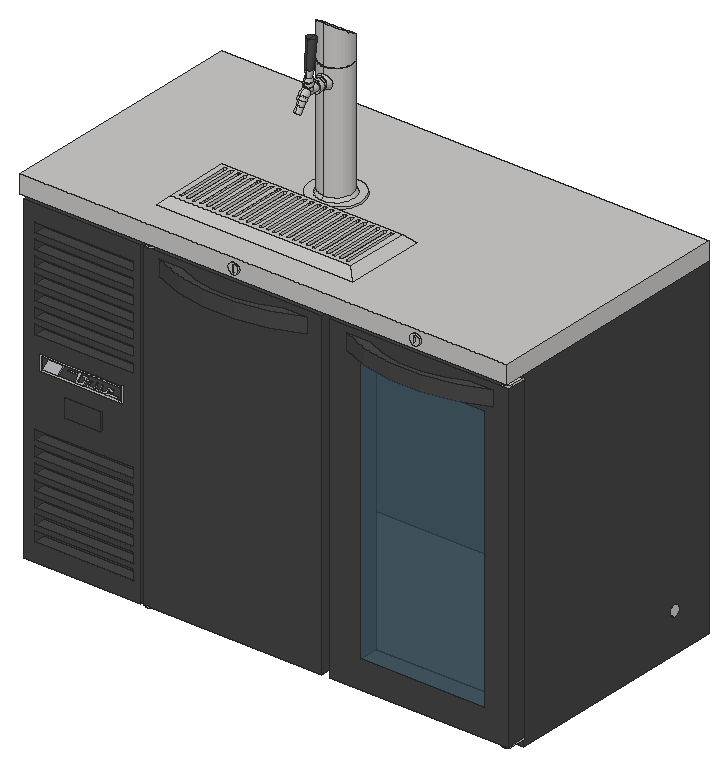
Revit family "QF_TRUE_TDR48-RISZ1-L-B-SG-1", category Specialty Equipment, Revit 2016 (continued)
Definition of nested family "TDR48-RISZ1-L-B-SG-1"
  Lines and regions (in)
    symbolic lines
      curve 135: arc (26.35722, -15.53813, 0) -> (26.5291, -15.36625, 0) -> (26.70097, -15.53813, 0) r 0.17187
      curve 136: line (26.70097, -15.53813, 0) -> (26.70097, -20.80347, 0)
      curve 137: arc (26.70097, -20.80347, 0) -> (26.5291, -20.97534, 0) -> (26.35722, -20.80347, 0) r 0.17187
      curve 138: line (27.01347, -20.80347, 0) -> (27.01347, -15.53813, 0)
      curve 139: arc (27.01347, -15.53813, 0) -> (27.18535, -15.36625, 0) -> (27.35722, -15.53813, 0) r 0.17187
      curve 140: line (27.35722, -15.53813, 0) -> (27.35722, -20.80347, 0)
      curve 141: arc (27.35722, -20.80347, 0) -> (27.18535, -20.97534, 0) -> (27.01347, -20.80347, 0) r 0.17187
      curve 142: line (27.66972, -20.80347, 0) -> (27.66972, -15.53813, 0)
      curve 143: arc (27.66972, -15.53813, 0) -> (27.8416, -15.36625, 0) -> (28.01347, -15.53813, 0) r 0.17187
      curve 144: line (28.01347, -15.53813, 0) -> (28.01347, -20.80347, 0)
      curve 145: arc (28.01347, -20.80347, 0) -> (27.8416, -20.97534, 0) -> (27.66972, -20.80347, 0) r 0.17187
      curve 146: line (28.66972, -15.53813, 0) -> (28.66972, -20.80347, 0)
      curve 147: arc (28.66972, -20.80347, 0) -> (28.49785, -20.97534, 0) -> (28.32597, -20.80347, 0) r 0.17187
      curve 148: line (28.32597, -20.80347, 0) -> (28.32597, -15.53813, 0)
      curve 149: arc (28.32597, -15.53813, 0) -> (28.49785, -15.36625, 0) -> (28.66972, -15.53813, 0) r 0.17187
      curve 150: line (28.98222, -15.53813, 0) -> (28.98222, -20.80347, 0)
      curve 151: arc (28.98222, -20.80347, 0) -> (29.1541, -20.97534, 0) -> (29.32597, -20.80347, 0) r 0.17187
      curve 152: line (29.32597, -20.80347, 0) -> (29.32597, -15.53813, 0)
      curve 153: arc (29.32597, -15.53813, 0) -> (29.1541, -15.36625, 0) -> (28.98222, -15.53813, 0) r 0.17187
      curve 154: line (11.31858, -22.11177, 0) -> (30.61892, -22.11177, 0)
      curve 297: line (20.57879, -14.69763, 0) -> (20.57879, -14.91581, 0)
      curve 298: line (21.35871, -14.69763, 0) -> (21.35871, -14.91581, 0)
    symbolic lines, not visible
      curve 155: circle (20.96875, -12.11522, 0) r 1.55031 normal (0, 0, 1)
      curve 156: arc (21.61223, -13.73606, 0) -> (20.96875, -10.37132, 0) -> (20.32527, -13.73606, 0) r 1.7439
      curve 157: arc (21.5436, -14.54197, 0) -> (20.96875, -9.62132, 0) -> (20.3939, -14.54197, 0) r 2.4939
      curve 158: line (20.38021, -13.94112, 0) -> (21.55729, -13.94112, 0)
      curve 159: line (21.55729, -13.94112, 0) -> (21.67702, -13.49428, 0)
      curve 160: line (20.38021, -13.94112, 0) -> (20.26048, -13.49428, 0)
      curve 161: line (20.52237, -14.24379, 0) -> (20.52237, -13.94112, 0)
      curve 162: line (21.41513, -14.24379, 0) -> (21.41513, -13.94112, 0)
      curve 163: line (20.42011, -14.24379, 0) -> (21.51739, -14.24379, 0)
      curve 164: line (21.51739, -14.24379, 0) -> (21.55729, -14.69763, 0)
      curve 165: line (21.55729, -14.69763, 0) -> (20.38021, -14.69763, 0)
      curve 166: line (20.38021, -14.69763, 0) -> (20.42011, -14.24379, 0)
      curve 167: circle (20.96875, -15.14453, 0) r 0.45209 normal (0, 0, 1)
      curve 168: line (20.57246, -15.54083, 0) -> (20.57246, -16.26395, 0)
      curve 169: line (21.36504, -15.54083, 0) -> (21.36504, -16.26395, 0)
      curve 170: arc (20.57246, -16.26395, 0) -> (20.96875, -16.66024, 0) -> (21.36504, -16.26395, 0) r 0.39629
      curve 171: arc (20.66949, -16.52374, 0) -> (20.96875, -16.823, 0) -> (21.26801, -16.52374, 0) r 0.29926
      curve 172: line (20.68604, -16.82069, 0) -> (20.68604, -16.6219, 0)
      curve 173: line (21.25146, -16.82069, 0) -> (21.25146, -16.6219, 0)
      curve 174: arc (21.25146, -16.82069, 0) -> (20.96875, -17.10339, 0) -> (20.68604, -16.82069, 0) r 0.28271
      curve 175: arc (21.3439, -15.41312, 0) -> (20.96875, -15.93712, 0) -> (20.5936, -15.41312, 0) r 0.39629
      curve 176: line (20.65805, -15.55736, 0) -> (20.556, -15.32898, 0)
      curve 177: line (21.27945, -15.55736, 0) -> (21.3815, -15.32898, 0)
      curve 178: arc (21.27945, -15.55736, 0) -> (20.96875, -15.75883, 0) -> (20.65805, -15.55736, 0) r 0.34031
      curve 179: line (11.31858, -22.11177, 0) -> (11.31858, -14.26103, 0)
      curve 180: line (11.31858, -14.26103, 0) -> (19.69789, -14.26103, 0)
      curve 181: line (30.61892, -22.11177, 0) -> (30.61892, -14.26103, 0)
      curve 182: line (30.61892, -14.26103, 0) -> (22.23961, -14.26103, 0)
      curve 183: line (29.86892, -15.01103, 0) -> (29.86892, -21.36177, 0)
      curve 184: line (29.86892, -21.36177, 0) -> (12.06858, -21.36177, 0)
      curve 185: line (12.06858, -21.36177, 0) -> (12.06858, -15.01103, 0)
      curve 186: line (12.06858, -15.01103, 0) -> (20.53682, -15.01103, 0)
      curve 187: line (29.86892, -15.01103, 0) -> (21.40068, -15.01103, 0)
      curve 188: line (12.06858, -15.01103, 0) -> (11.31858, -14.26103, 0)
      curve 189: line (29.86892, -15.01103, 0) -> (30.61892, -14.26103, 0)
      curve 190: line (29.86892, -21.36177, 0) -> (30.61892, -22.11177, 0)
      curve 191: line (12.06858, -21.36177, 0) -> (11.31858, -22.11177, 0)
      curve 192: line (12.91972, -15.53813, 0) -> (12.91972, -20.80347, 0)
      curve 193: arc (12.91972, -20.80347, 0) -> (12.74785, -20.97534, 0) -> (12.57597, -20.80347, 0) r 0.17187
      curve 194: line (12.57597, -20.80347, 0) -> (12.57597, -15.53813, 0)
      curve 195: arc (12.57597, -15.53813, 0) -> (12.74785, -15.36625, 0) -> (12.91972, -15.53813, 0) r 0.17187
      curve 196: line (13.23222, -15.53813, 0) -> (13.23222, -20.80347, 0)
      curve 197: arc (13.23222, -20.80347, 0) -> (13.4041, -20.97534, 0) -> (13.57597, -20.80347, 0) r 0.17187
      curve 198: line (13.57597, -20.80347, 0) -> (13.57597, -15.53813, 0)
      curve 199: arc (13.57597, -15.53813, 0) -> (13.4041, -15.36625, 0) -> (13.23222, -15.53813, 0) r 0.17187
      curve 200: line (13.88847, -20.80347, 0) -> (13.88847, -15.53813, 0)
      curve 201: arc (13.88847, -15.53813, 0) -> (14.06035, -15.36625, 0) -> (14.23222, -15.53813, 0) r 0.17187
      curve 202: line (14.23222, -15.53813, 0) -> (14.23222, -20.80347, 0)
      curve 203: arc (14.23222, -20.80347, 0) -> (14.06035, -20.97534, 0) -> (13.88847, -20.80347, 0) r 0.17187
      curve 204: line (14.54472, -20.80347, 0) -> (14.54472, -15.53813, 0)
      curve 205: arc (14.54472, -15.53813, 0) -> (14.7166, -15.36625, 0) -> (14.88847, -15.53813, 0) r 0.17187
      curve 206: line (14.88847, -15.53813, 0) -> (14.88847, -20.80347, 0)
      curve 207: arc (14.88847, -20.80347, 0) -> (14.7166, -20.97534, 0) -> (14.54472, -20.80347, 0) r 0.17187
      curve 208: line (15.20097, -20.80347, 0) -> (15.20097, -15.53813, 0)
      curve 209: arc (15.20097, -15.53813, 0) -> (15.37285, -15.36625, 0) -> (15.54472, -15.53813, 0) r 0.17187
      curve 210: line (15.54472, -15.53813, 0) -> (15.54472, -20.80347, 0)
      curve 211: arc (15.54472, -20.80347, 0) -> (15.37285, -20.97534, 0) -> (15.20097, -20.80347, 0) r 0.17187
      curve 212: line (15.85722, -20.80347, 0) -> (15.85722, -15.53813, 0)
      curve 213: arc (15.85722, -15.53813, 0) -> (16.0291, -15.36625, 0) -> (16.20097, -15.53813, 0) r 0.17187
      curve 214: line (16.20097, -15.53813, 0) -> (16.20097, -20.80347, 0)
      curve 215: arc (16.20097, -20.80347, 0) -> (16.0291, -20.97534, 0) -> (15.85722, -20.80347, 0) r 0.17187
      curve 216: line (16.85722, -15.53813, 0) -> (16.85722, -20.80347, 0)
      curve 217: arc (16.85722, -20.80347, 0) -> (16.68535, -20.97534, 0) -> (16.51347, -20.80347, 0) r 0.17187
      curve 218: line (16.51347, -20.80347, 0) -> (16.51347, -15.53813, 0)
      curve 219: arc (16.51347, -15.53813, 0) -> (16.68535, -15.36625, 0) -> (16.85722, -15.53813, 0) r 0.17187
      curve 220: line (17.16972, -15.53813, 0) -> (17.16972, -20.80347, 0)
      curve 221: arc (17.16972, -20.80347, 0) -> (17.3416, -20.97534, 0) -> (17.51347, -20.80347, 0) r 0.17187
      curve 222: line (17.51347, -20.80347, 0) -> (17.51347, -15.53813, 0)
      curve 223: arc (17.51347, -15.53813, 0) -> (17.3416, -15.36625, 0) -> (17.16972, -15.53813, 0) r 0.17187
      curve 224: line (17.82597, -20.80347, 0) -> (17.82597, -15.53813, 0)
      curve 225: arc (17.82597, -15.53813, 0) -> (17.99785, -15.36625, 0) -> (18.16972, -15.53813, 0) r 0.17187
      curve 226: line (18.16972, -15.53813, 0) -> (18.16972, -20.80347, 0)
      curve 227: arc (18.16972, -20.80347, 0) -> (17.99785, -20.97534, 0) -> (17.82597, -20.80347, 0) r 0.17187
      curve 228: line (18.48222, -20.80347, 0) -> (18.48222, -15.53813, 0)
      curve 229: arc (18.48222, -15.53813, 0) -> (18.6541, -15.36625, 0) -> (18.82597, -15.53813, 0) r 0.17187
      curve 230: line (18.82597, -15.53813, 0) -> (18.82597, -20.80347, 0)
      curve 231: arc (18.82597, -20.80347, 0) -> (18.6541, -20.97534, 0) -> (18.48222, -20.80347, 0) r 0.17187
      curve 232: line (19.13847, -20.80347, 0) -> (19.13847, -15.53813, 0)
      curve 233: arc (19.13847, -15.53813, 0) -> (19.31035, -15.36625, 0) -> (19.48222, -15.53813, 0) r 0.17187
      curve 234: line (19.48222, -15.53813, 0) -> (19.48222, -20.80347, 0)
      curve 235: arc (19.48222, -20.80347, 0) -> (19.31035, -20.97534, 0) -> (19.13847, -20.80347, 0) r 0.17187
      curve 236: line (19.79472, -20.80347, 0) -> (19.79472, -15.53813, 0)
      curve 237: arc (19.79472, -15.53813, 0) -> (19.9666, -15.36625, 0) -> (20.13847, -15.53813, 0) r 0.17187
      curve 238: line (20.13847, -15.53813, 0) -> (20.13847, -20.80347, 0)
      curve 239: arc (20.13847, -20.80347, 0) -> (19.9666, -20.97534, 0) -> (19.79472, -20.80347, 0) r 0.17187
      curve 240: line (20.79472, -17.04348, 0) -> (20.79472, -20.80347, 0)
      curve 241: arc (20.79472, -20.80347, 0) -> (20.62285, -20.97534, 0) -> (20.45097, -20.80347, 0) r 0.17187
      curve 242: line (20.45097, -20.80347, 0) -> (20.45097, -15.53813, 0)
      curve 243: arc (20.45097, -15.53813, 0) -> (20.48562, -15.43463, 0) -> (20.57561, -15.37287, 0) r 0.17187
      curve 244: line (21.10722, -17.06716, 0) -> (21.10722, -20.80347, 0)
      curve 245: arc (21.10722, -20.80347, 0) -> (21.2791, -20.97534, 0) -> (21.45097, -20.80347, 0) r 0.17187
      curve 246: line (21.45097, -20.80347, 0) -> (21.45097, -15.53813, 0)
      curve 247: arc (21.45097, -15.53813, 0) -> (21.42549, -15.44807, 0) -> (21.3566, -15.38472, 0) r 0.17187
      curve 248: line (21.76347, -20.80347, 0) -> (21.76347, -15.53813, 0)
      curve 249: arc (21.76347, -15.53813, 0) -> (21.93535, -15.36625, 0) -> (22.10722, -15.53813, 0) r 0.17187
      curve 250: line (22.10722, -15.53813, 0) -> (22.10722, -20.80347, 0)
      curve 251: arc (22.10722, -20.80347, 0) -> (21.93535, -20.97534, 0) -> (21.76347, -20.80347, 0) r 0.17187
      curve 252: line (22.41972, -20.80347, 0) -> (22.41972, -15.53813, 0)
      curve 253: arc (22.41972, -15.53813, 0) -> (22.5916, -15.36625, 0) -> (22.76347, -15.53813, 0) r 0.17187
      curve 254: line (22.76347, -15.53813, 0) -> (22.76347, -20.80347, 0)
      curve 255: arc (22.76347, -20.80347, 0) -> (22.5916, -20.97534, 0) -> (22.41972, -20.80347, 0) r 0.17187
      curve 256: line (23.07597, -20.80347, 0) -> (23.07597, -15.53813, 0)
      curve 257: arc (23.07597, -15.53813, 0) -> (23.24785, -15.36625, 0) -> (23.41972, -15.53813, 0) r 0.17187
      curve 258: line (23.41972, -15.53813, 0) -> (23.41972, -20.80347, 0)
      curve 259: arc (23.41972, -20.80347, 0) -> (23.24785, -20.97534, 0) -> (23.07597, -20.80347, 0) r 0.17187
      curve 260: line (23.73222, -20.80347, 0) -> (23.73222, -15.53813, 0)
      curve 261: arc (23.73222, -15.53813, 0) -> (23.9041, -15.36625, 0) -> (24.07597, -15.53813, 0) r 0.17187
      curve 262: line (24.07597, -15.53813, 0) -> (24.07597, -20.80347, 0)
      curve 263: arc (24.07597, -20.80347, 0) -> (23.9041, -20.97534, 0) -> (23.73222, -20.80347, 0) r 0.17187
      curve 264: line (24.73222, -15.53813, 0) -> (24.73222, -20.80347, 0)
      curve 265: arc (24.73222, -20.80347, 0) -> (24.56035, -20.97534, 0) -> (24.38847, -20.80347, 0) r 0.17187
      curve 266: line (24.38847, -20.80347, 0) -> (24.38847, -15.53813, 0)
      curve 267: arc (24.38847, -15.53813, 0) -> (24.56035, -15.36625, 0) -> (24.73222, -15.53813, 0) r 0.17187
      curve 268: line (25.04472, -15.53813, 0) -> (25.04472, -20.80347, 0)
      curve 269: arc (25.04472, -20.80347, 0) -> (25.2166, -20.97534, 0) -> (25.38847, -20.80347, 0) r 0.17187
      curve 270: line (25.38847, -20.80347, 0) -> (25.38847, -15.53813, 0)
      curve 271: arc (25.38847, -15.53813, 0) -> (25.2166, -15.36625, 0) -> (25.04472, -15.53813, 0) r 0.17187
      curve 272: line (25.70097, -20.80347, 0) -> (25.70097, -15.53813, 0)
      curve 273: arc (25.70097, -15.53813, 0) -> (25.87285, -15.36625, 0) -> (26.04472, -15.53813, 0) r 0.17187
      curve 274: line (26.04472, -15.53813, 0) -> (26.04472, -20.80347, 0)
      curve 275: arc (26.04472, -20.80347, 0) -> (25.87285, -20.97534, 0) -> (25.70097, -20.80347, 0) r 0.17187
      curve 276: line (26.35722, -20.80347, 0) -> (26.35722, -15.53813, 0)
      curve 277: arc (26.35722, -15.53813, 0) -> (26.5291, -15.36625, 0) -> (26.70097, -15.53813, 0) r 0.17187
      curve 278: line (26.70097, -15.53813, 0) -> (26.70097, -20.80347, 0)
      curve 279: arc (26.70097, -20.80347, 0) -> (26.5291, -20.97534, 0) -> (26.35722, -20.80347, 0) r 0.17187
      curve 280: line (27.01347, -20.80347, 0) -> (27.01347, -15.53813, 0)
      curve 281: arc (27.01347, -15.53813, 0) -> (27.18535, -15.36625, 0) -> (27.35722, -15.53813, 0) r 0.17187
      curve 282: line (27.35722, -15.53813, 0) -> (27.35722, -20.80347, 0)
      curve 283: arc (27.35722, -20.80347, 0) -> (27.18535, -20.97534, 0) -> (27.01347, -20.80347, 0) r 0.17187
      curve 284: line (27.66972, -20.80347, 0) -> (27.66972, -15.53813, 0)
      curve 285: arc (27.66972, -15.53813, 0) -> (27.8416, -15.36625, 0) -> (28.01347, -15.53813, 0) r 0.17187
      curve 286: line (28.01347, -15.53813, 0) -> (28.01347, -20.80347, 0)
      curve 287: arc (28.01347, -20.80347, 0) -> (27.8416, -20.97534, 0) -> (27.66972, -20.80347, 0) r 0.17187
      curve 288: line (28.66972, -15.53813, 0) -> (28.66972, -20.80347, 0)
      curve 289: arc (28.66972, -20.80347, 0) -> (28.49785, -20.97534, 0) -> (28.32597, -20.80347, 0) r 0.17187
      curve 290: line (28.32597, -20.80347, 0) -> (28.32597, -15.53813, 0)
      curve 291: arc (28.32597, -15.53813, 0) -> (28.49785, -15.36625, 0) -> (28.66972, -15.53813, 0) r 0.17187
      curve 292: line (28.98222, -15.53813, 0) -> (28.98222, -20.80347, 0)
      curve 293: arc (28.98222, -20.80347, 0) -> (29.1541, -20.97534, 0) -> (29.32597, -20.80347, 0) r 0.17187
      curve 294: line (29.32597, -20.80347, 0) -> (29.32597, -15.53813, 0)
      curve 295: arc (29.32597, -15.53813, 0) -> (29.1541, -15.36625, 0) -> (28.98222, -15.53813, 0) r 0.17187
      curve 296: line (11.31858, -22.11177, 0) -> (30.61892, -22.11177, 0)
      curve 299: line (20.57879, -14.69763, 0) -> (20.57879, -14.91581, 0)
      curve 300: line (21.35871, -14.69763, 0) -> (21.35871, -14.91581, 0)
  Dimensions and locks (in)
    equal spacing: plane 3 "LEFT", plane 7 "Center Y", plane 4 "RIGHT"
    "Length": plane 3 "LEFT" to plane 4 "RIGHT"
    equal spacing: plane 5 "FRONT", plane 8 "Center X", plane 1 "BACK"
    "Depth": plane 5 "FRONT" to plane 1 "BACK"
    "Height": plane 6 "TOP" to level
    plane 3 "LEFT" to plane 4 "RIGHT" = 48"
    plane 6 "TOP" to plane 9 = 1 3/4"
    plane 10 to plane 2 = 25/32"
    plane 11 to plane 10 = 31 11/16"
    plane 6 "TOP" to plane 11 = 2 7/32"
    plane 12 to plane 1 "BACK" = 41 19/32"
    plane 5 "FRONT" to plane 1 "BACK" = 26 3/8"
    plane 13 to plane 1 "BACK" = 24 27/32"
    Extrusion 4 to plane 1 "BACK" = 24 21/32"
    plane 14 to plane 1 "BACK" = 24 21/32"
    plane 3 "LEFT" to Extrusion 11 sketch curve = 16 3/4"
    Extrusion 11 sketch curve to plane 1 "BACK" = 4 31/32"
    Extrusion 11 sketch curve to plane 4 "RIGHT" = 7 3/4"
    Extrusion 11 sketch curve to plane 1 "BACK" = 4 11/32"
    Extrusion 12 sketch curve to plane 2 = 3 31/32"
    Extrusion 12 sketch curve to plane 1 "BACK" = 4 5/16"
    Extrusion 4 to Extrusion 4 = 11 19/32"
    plane 1 "BACK" to plane 13 = 24 27/32"
    Extrusion 17 sketch curve to plane 3 "LEFT" = 6"
    plane 2 to Extrusion 17 sketch curve = 18 1/2"
    plane 15 to plane 6 "TOP" = 15 3/4"
    aligned and locked: level to plane 2
  Automatic sketch dimensions
    Extrusion 1 sketch curve to plane 9 = 0"
    Extrusion 1 sketch curve to plane 13 = 0"
    Extrusion 1 sketch curve to plane 1 "BACK" = 0"
    Extrusion 1 sketch curve to plane 6 "TOP" = 0"
    Extrusion 2 sketch curve to level = 0"
    Extrusion 2 sketch curve to plane 3 "LEFT" = 0"
    Extrusion 2 sketch curve to plane 10 = 0"
    Extrusion 2 sketch curve to plane 11 = 0"
    plane 4 "RIGHT" to Extrusion 2 sketch curve = 0"
    Extrusion 2 sketch curve to plane 9 = 0"
    plane 3 "LEFT" to Extrusion 2 sketch curve = 12"
    plane 4 "RIGHT" to Extrusion 2 sketch curve = 1/8"
    Extrusion 3 sketch curve to Extrusion 2 = 0"  (x3)
    Extrusion 2 to Extrusion 3 sketch curve = 0"
    Extrusion 4 sketch curve to Extrusion 2 = 0"  (x2)
    Extrusion 4 sketch curve to Extrusion 2 = 13/64"  (x2)
    Extrusion 4 sketch curve to Extrusion 2 = 1.28286"  (x4)
    Extrusion 4 sketch curve to Extrusion 4 sketch curve = 0"  (x20)
    Extrusion 4 sketch curve to Extrusion 2 = 0.96714"  (x4)
    Extrusion 2 to Extrusion 4 sketch curve = 1.78584"
    Extrusion 4 sketch curve to Extrusion 4 sketch curve = 1"  (x14)
    Extrusion 4 sketch curve to Extrusion 4 sketch curve = 1/2"  (x12)
    Extrusion 4 sketch curve to Extrusion 4 sketch curve = 8 1/4"
    Extrusion 5 sketch curve to Extrusion 2 = 0"  (x6)
    Extrusion 5 sketch curve to Extrusion 5 sketch curve = 3/4"
    Extrusion 5 sketch curve to Extrusion 5 sketch curve = 3.01987"
    Extrusion 2 to Extrusion 5 sketch curve = 2.23013"
    Extrusion 2 to Extrusion 5 sketch curve = 2.70012"
    Extrusion 2 to Extrusion 5 sketch curve = 2.73738"
    Extrusion 2 to Extrusion 6 sketch curve = 2.73738"
    Extrusion 2 to Extrusion 6 sketch curve = 2.23013"
    Extrusion 2 to Extrusion 6 sketch curve = 2.70012"
    Extrusion 5 to Extrusion 7 sketch curve = 0"  (x2)
    Extrusion 7 sketch curve to Extrusion 5 = 0"  (x2)
    Extrusion 7 sketch curve to Extrusion 5 = 16.82456"
    Extrusion 7 sketch curve to Extrusion 7 sketch curve = 2.2704"  (x2)
    Extrusion 7 sketch curve to Extrusion 5 = 9 9/16"
    Extrusion 7 sketch curve to Extrusion 7 sketch curve = 0"  (x2)
    Extrusion 5 to Extrusion 7 sketch curve = 1.55044"
    Extrusion 5 to Extrusion 7 sketch curve = 8 13/16"
    Extrusion 7 sketch curve to Extrusion 5 = 7.46414"  (x2)
    Extrusion 7 sketch curve to Extrusion 7 sketch curve = 4.86923"  (x2)
    Extrusion 4 to Extrusion 8 sketch curve = 3.08176"
    Extrusion 4 to Extrusion 8 sketch curve = 3.16824"
    Extrusion 8 sketch curve to Extrusion 4 = 2.05764"
    Extrusion 8 sketch curve to Extrusion 8 sketch curve = 1 3/4"
    Extrusion 9 sketch curve to Extrusion 1 = 0.53256"  (x2)
    Extrusion 9 sketch curve to Extrusion 9 sketch curve = 0.31172"  (x2)
    Extrusion 9 sketch curve to Extrusion 9 sketch curve = 0.33003"  (x2)
    Extrusion 1 to Extrusion 9 sketch curve = 8.89375"
    Extrusion 9 sketch curve to Extrusion 9 sketch curve = 0.07707"  (x2)
    Extrusion 9 sketch curve to Extrusion 9 sketch curve = 0.1397"  (x2)
    Extrusion 9 sketch curve to Extrusion 9 sketch curve = 17.76655"
    Extrusion 10 sketch curve to Extrusion 2 = 1.28286"  (x4)
    Extrusion 10 sketch curve to Extrusion 10 sketch curve = 0"  (x20)
    Extrusion 10 sketch curve to Extrusion 2 = 0.96714"  (x4)
    Extrusion 2 to Extrusion 10 sketch curve = 1.78584"
    Extrusion 10 sketch curve to Extrusion 10 sketch curve = 1"  (x14)
    Extrusion 10 sketch curve to Extrusion 10 sketch curve = 1/2"  (x12)
    Extrusion 10 sketch curve to Extrusion 10 sketch curve = 8 1/4"
    Extrusion 2 to Extrusion 11 sketch curve = 8 1/4"
    Extrusion 13 sketch curve to Extrusion 5 = 0"  (x2)
    Extrusion 5 to Extrusion 13 sketch curve = 0"
    Extrusion 5 to Extrusion 13 sketch curve = 0.44506"
    Extrusion 5 to Extrusion 13 sketch curve = 0.32171"  (x2)
    Extrusion 13 sketch curve to Extrusion 13 sketch curve = 0.42562"  (x2)
    Extrusion 5 to Extrusion 13 sketch curve = 1.35513"
    Extrusion 5 to Extrusion 13 sketch curve = 17.01987"
    Extrusion 13 sketch curve to Extrusion 13 sketch curve = 0.48444"
    Extrusion 13 sketch curve to Extrusion 13 sketch curve = 1.35513"
    Extrusion 14 sketch curve to Extrusion 5 = 0"  (x3)
    Extrusion 14 sketch curve to Extrusion 5 = 0.45183"  (x2)
    Extrusion 14 sketch curve to Extrusion 5 = 0.32171"  (x2)
    Extrusion 5 to Extrusion 14 sketch curve = 0.44506"
    Extrusion 14 sketch curve to Extrusion 14 sketch curve = 1.35513"
    Extrusion 14 sketch curve to Extrusion 5 = 17.01987"
    Extrusion 14 sketch curve to Extrusion 14 sketch curve = 0.48444"
    Extrusion 14 sketch curve to Extrusion 14 sketch curve = 0.42562"
    Extrusion 15 sketch curve to Extrusion 5 = 0"  (x4)
    Extrusion 5 to Extrusion 15 sketch curve = 0.08547"  (x2)
    Extrusion 15 sketch curve to Extrusion 15 sketch curve = 16.85203"  (x2)
    Extrusion 15 sketch curve to Extrusion 15 sketch curve = 3/4"
    Extrusion 15 sketch curve to Extrusion 15 sketch curve = 16.86877"
    curve 3 to plane 3 "LEFT" = 0"
    plane 12 to curve 9 = 8.15555"
    plane 14 to curve 10 = 3/16"
    curve 7 to plane 13 = 0"  (x2)
    curve 8 to plane 13 = 0"  (x2)
    plane 14 to curve 9 = 3/16"
    plane 14 to curve 11 = 3/16"
    curve 6 to plane 13 = 0"  (x2)
    curve 5 to plane 13 = 0"  (x2)
    curve 4 to plane 4 "RIGHT" = 0"
    curve 3 to plane 13 = 0"
    plane 14 to curve 12 = 3/16"
    plane 1 "BACK" to curve 2 = 0"
    plane 14 to curve 9 = 0.08547"
    curve 9 to plane 7 "Center Y" = 11.24377"
    curve 8 to plane 7 "Center Y" = 3 3/16"
    curve 7 to plane 7 "Center Y" = 3 3/16"
    plane 7 "Center Y" to curve 12 = 8.78922"
    curve 5 to plane 8 "Center X" = 2.09836"
    plane 4 "RIGHT" to curve 5 = 8 13/16"
    curve 6 to curve 5 = 0"
    plane 14 to curve 11 = 0.08547"
    plane 4 "RIGHT" to curve 11 = 0.75623"
    plane 5 "FRONT" to curve 12 = 7.0632"
    curve 8 to plane 8 "Center X" = 2.09836"
    plane 8 "Center X" to curve 6 = 2.77087"
    plane 8 "Center X" to curve 7 = 2.77087"
    curve 10 to curve 9 = 0.43147"
    curve 9 to curve 7 = 1.17423"
    curve 7 to curve 8 = 2.25953"
    curve 11 to curve 6 = 1.93037"
    curve 6 to curve 5 = 2.25953"
    curve 10 to curve 11 = 5.57844"
    plane 4 "RIGHT" to curve 12 = 0.32476"
    Extrusion 16 sketch curve to Extrusion 2 = 0"
    Extrusion 2 to Extrusion 16 sketch curve = 0"
    Extrusion 16 sketch curve to Extrusion 2 = 1 1/32"
    Extrusion 2 to Extrusion 16 sketch curve = 18 21/32"
    Extrusion 17 sketch curve to Extrusion 17 sketch curve = 0"
    Extrusion 2 to Extrusion 17 sketch curve = 14 15/32"
    Extrusion 17 sketch curve to Extrusion 17 sketch curve = 3 3/4"
    Revolve 18 sketch curve to Revolve 18 sketch curve = 0"  (x2)
    Revolve 18 sketch curve to Revolve 18 sketch curve = 0.1161"
    Revolve 18 sketch curve to Revolve 18 sketch curve = 0.12521"
    Revolve 18 sketch curve to Revolve 18 sketch curve = 3.71859"
    Revolve 18 sketch curve to Revolve 18 sketch curve = 0.04988"
    Revolve 18 sketch curve to Revolve 18 sketch curve = 2.20608"
    Blend 19 sketch curve to Blend 19 sketch curve = 7.85075"
    Blend 19 sketch curve to Blend 19 sketch curve = 6.35075"
    Revolve 18 sketch curve to Revolve 18 sketch curve = 0.33531"
    Revolve 18 sketch curve to Revolve 18 sketch curve = 11.35384"
    Extrusion 20 sketch curve to Blend 19 = 0.54295"
    Extrusion 20 sketch curve to Extrusion 20 sketch curve = 11/64"  (x26)
    Extrusion 20 sketch curve to Extrusion 20 sketch curve = 5/16"  (x25)
    Extrusion 20 sketch curve to Blend 19 = 0.5583"
    Extrusion 20 sketch curve to Extrusion 20 sketch curve = 0"  (x50)
    Extrusion 20 sketch curve to Blend 19 = 0.5271"
    Revolve 22 sketch curve to Revolve 22 sketch curve = 0.45383"
    Revolve 22 sketch curve to Revolve 22 sketch curve = 0.30267"
    Revolve 22 sketch curve to Revolve 22 sketch curve = 0.7136"
    Revolve 22 sketch curve to Revolve 22 sketch curve = 0.44638"
    Revolve 22 sketch curve to Revolve 22 sketch curve = 0.10226"
    Revolve 22 sketch curve to Revolve 22 sketch curve = 0.0399"
    Revolve 22 sketch curve to Revolve 22 sketch curve = 0.14216"
    Revolve 22 sketch curve to Revolve 22 sketch curve = 0.21108"
    Sweep 23 sketch curve to Sweep 23 sketch curve = 0.36485"
    Sweep 23 sketch curve to Sweep 23 sketch curve = 0.15173"
    Sweep 23 sketch curve to Sweep 23 sketch curve = 1.09705"
    Sweep 23 sketch curve to profile plane = 0"  (x2)
    Revolve 24 sketch curve to Revolve 24 sketch curve = 0.24452"
    Revolve 24 sketch curve to Revolve 24 sketch curve = 0.08151"
    Revolve 24 sketch curve to Revolve 24 sketch curve = 0"  (x2)
    Revolve 25 sketch curve to Revolve 25 sketch curve = 0.0378"
    Revolve 25 sketch curve to Revolve 25 sketch curve = 0.07821"  (x2)
    Revolve 25 sketch curve to Revolve 25 sketch curve = 0.31808"
    Revolve 25 sketch curve to Revolve 25 sketch curve = 0.35985"
    Revolve 25 sketch curve to Revolve 25 sketch curve = 0.06546"
    Revolve 25 sketch curve to Revolve 25 sketch curve = 1/4"
    Revolve 25 sketch curve to Revolve 25 sketch curve = 0"
    Revolve 25 sketch curve to Revolve 25 sketch curve = 0.15886"
    Revolve 25 sketch curve to Revolve 25 sketch curve = 0.05098"
    Revolve 26 sketch curve to Revolve 26 sketch curve = 0.13605"
    Revolve 26 sketch curve to Revolve 26 sketch curve = 0.01692"
    Revolve 26 sketch curve to Revolve 26 sketch curve = 0.1398"
    Revolve 26 sketch curve to Revolve 26 sketch curve = 0.06683"
    Revolve 26 sketch curve to Revolve 26 sketch curve = 0.24021"
    Revolve 26 sketch curve to Revolve 26 sketch curve = 0.16424"
    Revolve 26 sketch curve to Revolve 26 sketch curve = 0.44941"
    Revolve 26 sketch curve to Revolve 26 sketch curve = 0.0143"
    Revolve 26 sketch curve to Revolve 26 sketch curve = 0.27357"
    Revolve 26 sketch curve to Revolve 26 sketch curve = 0.01543"
    Revolve 26 sketch curve to Revolve 26 sketch curve = 0.01213"
    Revolve 26 sketch curve to Revolve 26 sketch curve = 0"  (x2)
    Revolve 26 sketch curve to Revolve 26 sketch curve = 0.11538"
    Revolve 18 sketch curve to Revolve 18 sketch curve = 3/4"
    Revolve 18 sketch curve to Revolve 18 sketch curve = 0.19359"
    Revolve 18 sketch curve to Revolve 18 sketch curve = 1.55031"
    Revolve 18 sketch curve to Revolve 18 sketch curve = 0.21704"
    Blend 19 sketch curve to Blend 19 sketch curve = 19.30033"
    Blend 19 sketch curve to Blend 19 sketch curve = 17.80033"
    Revolve 22 sketch curve to Revolve 22 sketch curve = 68.08657"
    Revolve 22 sketch curve to Revolve 22 sketch curve = 100.7997"
    Revolve 22 sketch curve to Revolve 22 sketch curve = 0"
    Sweep 23 sketch curve to Sweep 23 sketch curve = 0.21065"
    Sweep 23 sketch curve to Sweep 23 sketch curve = 0.26281"
    Revolve 24 sketch curve to Revolve 24 sketch curve = 0.29675"
    Revolve 24 sketch curve to Revolve 24 sketch curve = 0.00598"
    Revolve 24 sketch curve to Revolve 24 sketch curve = 0.29779"
    Revolve 24 sketch curve to Revolve 24 sketch curve = 0.14117"  (x2)
    Revolve 26 sketch curve to Revolve 26 sketch curve = 0.05569"
    Revolve 27 sketch curve to Revolve 27 sketch curve = 0"  (x2)
    Revolve 27 sketch curve to Revolve 27 sketch curve = 0.1161"
    Revolve 27 sketch curve to Revolve 27 sketch curve = 0.12521"
    Revolve 27 sketch curve to Revolve 27 sketch curve = 3.71859"
    Revolve 27 sketch curve to Revolve 27 sketch curve = 0.04988"
    Revolve 27 sketch curve to Revolve 27 sketch curve = 2.20608"
    Blend 28 sketch curve to Blend 28 sketch curve = 7.85075"
    Blend 28 sketch curve to Blend 28 sketch curve = 6.35075"
    Revolve 27 sketch curve to Revolve 27 sketch curve = 0.33531"
    Revolve 27 sketch curve to Revolve 27 sketch curve = 11.35384"
    Extrusion 29 sketch curve to Blend 28 = 0.54295"
    Extrusion 29 sketch curve to Extrusion 29 sketch curve = 11/64"  (x26)
    Extrusion 29 sketch curve to Extrusion 29 sketch curve = 5/16"  (x25)
    Extrusion 29 sketch curve to Blend 28 = 0.5583"
    Extrusion 29 sketch curve to Extrusion 29 sketch curve = 0"  (x50)
    Extrusion 29 sketch curve to Blend 28 = 0.5271"
    Revolve 31 sketch curve to Revolve 31 sketch curve = 0.45383"
    Revolve 31 sketch curve to Revolve 31 sketch curve = 0.30267"
    Revolve 31 sketch curve to Revolve 31 sketch curve = 0.7136"
    Revolve 31 sketch curve to Revolve 31 sketch curve = 0.44638"
    Revolve 31 sketch curve to Revolve 31 sketch curve = 0.10226"
    Revolve 31 sketch curve to Revolve 31 sketch curve = 0.0399"
    Revolve 31 sketch curve to Revolve 31 sketch curve = 0.14216"
    Revolve 31 sketch curve to Revolve 31 sketch curve = 0.21108"
    Sweep 32 sketch curve to Sweep 32 sketch curve = 0.36485"
    Sweep 32 sketch curve to Sweep 32 sketch curve = 0.15173"
    Sweep 32 sketch curve to Sweep 32 sketch curve = 1.09705"
    Sweep 32 sketch curve to profile plane = 0"  (x2)
    Revolve 33 sketch curve to Revolve 33 sketch curve = 0.24452"
    Revolve 33 sketch curve to Revolve 33 sketch curve = 0.08151"
    Revolve 33 sketch curve to Revolve 33 sketch curve = 0"  (x2)
    Revolve 34 sketch curve to Revolve 34 sketch curve = 0.0378"
    Revolve 34 sketch curve to Revolve 34 sketch curve = 0.07821"  (x2)
    Revolve 34 sketch curve to Revolve 34 sketch curve = 0.31808"
    Revolve 34 sketch curve to Revolve 34 sketch curve = 0.35985"
    Revolve 34 sketch curve to Revolve 34 sketch curve = 0.06546"
    Revolve 34 sketch curve to Revolve 34 sketch curve = 1/4"
    Revolve 34 sketch curve to Revolve 34 sketch curve = 0"
    Revolve 34 sketch curve to Revolve 34 sketch curve = 0.15886"
    Revolve 34 sketch curve to Revolve 34 sketch curve = 0.05098"
    Revolve 35 sketch curve to Revolve 35 sketch curve = 0.13605"
    Revolve 35 sketch curve to Revolve 35 sketch curve = 0.01692"
    Revolve 35 sketch curve to Revolve 35 sketch curve = 0.1398"
    Revolve 35 sketch curve to Revolve 35 sketch curve = 0.06683"
    Revolve 35 sketch curve to Revolve 35 sketch curve = 0.24021"
    Revolve 35 sketch curve to Revolve 35 sketch curve = 0.16424"
    Revolve 35 sketch curve to Revolve 35 sketch curve = 0.44941"
    Revolve 35 sketch curve to Revolve 35 sketch curve = 0.0143"
    Revolve 35 sketch curve to Revolve 35 sketch curve = 0.27357"
    Revolve 35 sketch curve to Revolve 35 sketch curve = 0.01543"
    Revolve 35 sketch curve to Revolve 35 sketch curve = 0.01213"
    Revolve 35 sketch curve to Revolve 35 sketch curve = 0"  (x2)
    Revolve 35 sketch curve to Revolve 35 sketch curve = 0.11538"
    Revolve 27 sketch curve to Revolve 27 sketch curve = 3/4"
    Revolve 27 sketch curve to Revolve 27 sketch curve = 0.19359"
    Revolve 27 sketch curve to Revolve 27 sketch curve = 1.55031"
    Revolve 27 sketch curve to Revolve 27 sketch curve = 0.21704"
    Blend 28 sketch curve to Blend 28 sketch curve = 19.30033"
    Blend 28 sketch curve to Blend 28 sketch curve = 17.80033"
    Revolve 31 sketch curve to Revolve 31 sketch curve = 68.08657"
    Revolve 31 sketch curve to Revolve 31 sketch curve = 100.7997"
    Revolve 31 sketch curve to Revolve 31 sketch curve = 0"
    Sweep 32 sketch curve to Sweep 32 sketch curve = 0.21065"
    Sweep 32 sketch curve to Sweep 32 sketch curve = 0.26281"
    Revolve 33 sketch curve to Revolve 33 sketch curve = 0.29675"
    Revolve 33 sketch curve to Revolve 33 sketch curve = 0.00598"
    Revolve 33 sketch curve to Revolve 33 sketch curve = 0.29779"
    Revolve 33 sketch curve to Revolve 33 sketch curve = 0.14117"  (x2)
    Revolve 35 sketch curve to Revolve 35 sketch curve = 0.05569"
    curve 13 to curve 14 = 0"  (x3)
    curve 13 to curve 15 = 0"  (x4)
    curve 14 to curve 15 = 0"  (x3)
    curve 37 to curve 49 = 3/4"
    curve 42 to curve 52 = 0.50739"
    curve 51 to curve 51 = 11/64"
    curve 53 to curve 54 = 5/16"
    curve 55 to curve 55 = 11/64"
    curve 55 to curve 58 = 5/16"
    curve 59 to curve 59 = 11/64"
    curve 59 to curve 62 = 5/16"
    curve 65 to curve 65 = 11/64"
    curve 65 to curve 66 = 5/16"
    curve 69 to curve 69 = 11/64"
    curve 68 to curve 70 = 5/16"
    curve 70 to curve 73 = 11/64"
    curve 72 to curve 76 = 5/16"
    curve 76 to curve 75 = 11/64"
    curve 74 to curve 78 = 5/16"
    curve 78 to curve 79 = 11/64"
    curve 80 to curve 82 = 5/16"
    curve 82 to curve 83 = 11/64"
    curve 84 to curve 86 = 5/16"
    curve 87 to curve 87 = 11/64"
    curve 88 to curve 90 = 5/16"
    curve 90 to curve 91 = 11/64"
    curve 92 to curve 94 = 5/16"
    curve 94 to curve 97 = 11/64"
    curve 96 to curve 18 = 0.24174"
    curve 24 to curve 16 = 0"
    curve 16 to curve 24 = 0.0399"
    curve 96 to curve 100 = 5/16"
    curve 100 to curve 26 = 0.12149"
    curve 99 to curve 99 = 11/64"
    curve 26 to curve 101 = 0.05039"
    curve 101 to curve 34 = 0.03521"
    curve 30 to curve 98 = 0.10868"
    curve 36 to curve 33 = 0.3107"
    curve 98 to curve 32 = 0.17403"
    curve 16 to curve 14 = 0.58854"
    curve 36 to curve 33 = 0"
    curve 25 to curve 36 = 0"
    curve 98 to curve 102 = 5/16"
    curve 103 to curve 103 = 11/64"
    curve 105 to curve 27 = 11/128"
    curve 105 to curve 35 = 0.00035"
    curve 25 to curve 21 = 0.54864"
    curve 21 to curve 22 = 0.0399"
    curve 21 to curve 17 = 0.0399"
    curve 104 to curve 106 = 5/16"
    curve 109 to curve 109 = 11/64"
    curve 108 to curve 110 = 5/16"
    curve 111 to curve 111 = 11/64"
    curve 112 to curve 114 = 5/16"
    curve 115 to curve 115 = 11/64"
    curve 115 to curve 118 = 5/16"
    curve 119 to curve 119 = 11/64"
    curve 121 to curve 124 = 5/16"
    curve 123 to curve 123 = 11/64"
    curve 123 to curve 126 = 5/16"
    curve 126 to curve 127 = 11/64"
    curve 128 to curve 130 = 5/16"
    curve 133 to curve 133 = 11/64"
    curve 131 to curve 134 = 5/16"
    curve 134 to curve 135 = 11/64"
    curve 136 to curve 138 = 5/16"
    curve 139 to curve 139 = 11/64"
    curve 139 to curve 142 = 5/16"
    curve 142 to curve 145 = 11/64"
    curve 144 to curve 148 = 5/16"
    curve 149 to curve 149 = 11/64"
    curve 149 to curve 150 = 5/16"
    curve 150 to curve 151 = 11/64"
    curve 152 to curve 47 = 0.54295"
    curve 41 to curve 154 = 3/4"
    curve 39 to curve 42 = 3/4"
    curve 41 to curve 150 = 0.5583"
    curve 130 to curve 151 = 0"
    curve 128 to curve 130 = 0"  (x2)
    curve 148 to curve 151 = 0"
    curve 124 to curve 127 = 0"
    curve 121 to curve 124 = 0"
    curve 117 to curve 118 = 0"
    curve 113 to curve 114 = 0"
    curve 141 to curve 148 = 0"
    curve 109 to curve 110 = 0"
    curve 145 to curve 148 = 0"
    curve 104 to curve 106 = 0"  (x2)
    curve 133 to curve 137 = 0"
    curve 100 to curve 102 = 0"
    curve 42 to curve 50 = 0.5583"
    curve 97 to curve 100 = 0"
    curve 51 to curve 54 = 0"
    curve 93 to curve 97 = 0"
    curve 55 to curve 58 = 0"
    curve 89 to curve 90 = 0"
    curve 61 to curve 62 = 0"
    curve 85 to curve 86 = 0"
    curve 65 to curve 66 = 0"
    curve 80 to curve 85 = 0"
    curve 68 to curve 70 = 0"  (x2)
    curve 72 to curve 76 = 0"
    curve 102 to curve 32 = 3.98278"
    curve 32 to curve 29 = 0.29695"
    curve 29 to curve 28 = 0.25979"
    curve 28 to curve 35 = 0.70659"
    curve 36 to curve 33 = 0.01653"
    curve 34 to curve 86 = 0.01923"
    curve 60 to curve 62 = 0"
    curve 88 to curve 90 = 0"
    curve 57 to curve 58 = 0"
    curve 92 to curve 94 = 0"
    curve 53 to curve 54 = 0"
    curve 63 to curve 66 = 0"
    curve 142 to curve 142 = 5.26534"
    curve 84 to curve 86 = 0"
    curve 34 to curve 100 = 0.01923"
    curve 138 to curve 143 = 0"
    curve 35 to curve 104 = 0.01923"
    curve 135 to curve 138 = 0"
    curve 108 to curve 110 = 0"
    curve 81 to curve 83 = 0"
    curve 112 to curve 114 = 0"
    curve 115 to curve 118 = 0"
    curve 72 to curve 77 = 0"
    curve 119 to curve 122 = 0"
    curve 125 to curve 126 = 0"
    curve 144 to curve 146 = 0"
    curve 149 to curve 150 = 0"
    curve 33 to curve 36 = 0.12231"
    curve 36 to curve 25 = 0.27399"
    curve 152 to curve 47 = 0.5271"
    curve 52 to curve 46 = 0.5271"
    curve 44 to curve 24 = 0.3134"
    curve 41 to curve 47 = 3/4"
    curve 43 to curve 37 = 3/4"
    curve 22 to curve 22 = 0.45383"
    curve 21 to curve 17 = 0.30267"
    curve 19 to curve 15 = 1.8259"
    curve 38 to curve 21 = 0.72222"
    curve 18 to curve 16 = 0.11973"
    curve 14 to curve 16 = 0.05495"
    curve 21 to curve 19 = 0.10226"
    curve 23 to curve 44 = 0.15661"
    curve 34 to curve 101 = 0.01961"
    curve 23 to curve 297 = 0.19858"
    curve 298 to curve 22 = 0.19858"
    curve 105 to curve 35 = 0.02491"
    curve 20 to curve 21 = 0.10226"
    curve 16 to curve 14 = 0.05495"
    curve 26 to curve 101 = 0.0027"
    curve 27 to curve 105 = 0.0027"
    curve 45 to curve 298 = 0.09522"
    curve 16 to curve 14 = 0.20506"
    curve 155 to curve 156 = 0"  (x3)
    curve 155 to curve 157 = 0"  (x4)
    curve 156 to curve 157 = 0"  (x3)
    curve 179 to curve 191 = 3/4"
    curve 184 to curve 194 = 0.50739"
    curve 193 to curve 193 = 11/64"
    curve 195 to curve 196 = 5/16"
    curve 197 to curve 197 = 11/64"
    curve 197 to curve 200 = 5/16"
    curve 201 to curve 201 = 11/64"
    curve 201 to curve 204 = 5/16"
    curve 207 to curve 207 = 11/64"
    curve 207 to curve 208 = 5/16"
    curve 211 to curve 211 = 11/64"
    curve 210 to curve 212 = 5/16"
    curve 212 to curve 215 = 11/64"
    curve 214 to curve 218 = 5/16"
    curve 218 to curve 217 = 11/64"
    curve 216 to curve 220 = 5/16"
    curve 220 to curve 221 = 11/64"
    curve 222 to curve 224 = 5/16"
    curve 224 to curve 225 = 11/64"
    curve 226 to curve 228 = 5/16"
    curve 229 to curve 229 = 11/64"
    curve 230 to curve 232 = 5/16"
    curve 232 to curve 233 = 11/64"
    curve 234 to curve 236 = 5/16"
    curve 236 to curve 239 = 11/64"
    curve 238 to curve 160 = 0.24174"
    curve 166 to curve 158 = 0"
    curve 158 to curve 166 = 0.0399"
    curve 238 to curve 242 = 5/16"
    curve 242 to curve 168 = 0.12149"
    curve 241 to curve 241 = 11/64"
    curve 168 to curve 243 = 0.05039"
    curve 243 to curve 176 = 0.03521"
    curve 172 to curve 240 = 0.10868"
    curve 178 to curve 175 = 0.3107"
    curve 240 to curve 174 = 0.17403"
    curve 158 to curve 156 = 0.58854"
    curve 178 to curve 175 = 0"
    curve 167 to curve 178 = 0"
    curve 240 to curve 244 = 5/16"
    curve 245 to curve 245 = 11/64"
    curve 247 to curve 169 = 11/128"
    curve 247 to curve 177 = 0.00035"
    curve 167 to curve 163 = 0.54864"
    curve 163 to curve 164 = 0.0399"
    curve 163 to curve 159 = 0.0399"
    curve 246 to curve 248 = 5/16"
    curve 251 to curve 251 = 11/64"
    curve 250 to curve 252 = 5/16"
    curve 253 to curve 253 = 11/64"
    curve 254 to curve 256 = 5/16"
    curve 257 to curve 257 = 11/64"
    curve 257 to curve 260 = 5/16"
    curve 261 to curve 261 = 11/64"
    curve 263 to curve 266 = 5/16"
    curve 265 to curve 265 = 11/64"
    curve 265 to curve 268 = 5/16"
    curve 268 to curve 269 = 11/64"
    curve 270 to curve 272 = 5/16"
    curve 275 to curve 275 = 11/64"
    curve 273 to curve 276 = 5/16"
    curve 276 to curve 277 = 11/64"
    curve 278 to curve 280 = 5/16"
    curve 281 to curve 281 = 11/64"
    curve 281 to curve 284 = 5/16"
    curve 284 to curve 287 = 11/64"
    curve 286 to curve 290 = 5/16"
    curve 291 to curve 291 = 11/64"
    curve 291 to curve 292 = 5/16"
    curve 292 to curve 293 = 11/64"
    curve 294 to curve 189 = 0.54295"
    curve 183 to curve 296 = 3/4"
    curve 181 to curve 184 = 3/4"
    curve 183 to curve 292 = 0.5583"
    curve 272 to curve 293 = 0"
    curve 270 to curve 272 = 0"  (x2)
    curve 290 to curve 293 = 0"
    curve 266 to curve 269 = 0"
    curve 263 to curve 266 = 0"
    curve 259 to curve 260 = 0"
    curve 255 to curve 256 = 0"
    curve 283 to curve 290 = 0"
    curve 251 to curve 252 = 0"
    curve 287 to curve 290 = 0"
    curve 246 to curve 248 = 0"  (x2)
    curve 275 to curve 279 = 0"
    curve 242 to curve 244 = 0"
    curve 184 to curve 192 = 0.5583"
    curve 239 to curve 242 = 0"
    curve 193 to curve 196 = 0"
    curve 235 to curve 239 = 0"
    curve 197 to curve 200 = 0"
    curve 231 to curve 232 = 0"
    curve 203 to curve 204 = 0"
    curve 227 to curve 228 = 0"
    curve 207 to curve 208 = 0"
    curve 222 to curve 227 = 0"
    curve 210 to curve 212 = 0"  (x2)
    curve 214 to curve 218 = 0"
    curve 244 to curve 174 = 3.98278"
    curve 174 to curve 171 = 0.29695"
    curve 171 to curve 170 = 0.25979"
    curve 170 to curve 177 = 0.70659"
    curve 178 to curve 175 = 0.01653"
    curve 176 to curve 228 = 0.01923"
    curve 202 to curve 204 = 0"
    curve 230 to curve 232 = 0"
    curve 199 to curve 200 = 0"
    curve 234 to curve 236 = 0"
    curve 195 to curve 196 = 0"
    curve 205 to curve 208 = 0"
    curve 284 to curve 284 = 5.26534"
    curve 226 to curve 228 = 0"
    curve 176 to curve 242 = 0.01923"
    curve 280 to curve 285 = 0"
    curve 177 to curve 246 = 0.01923"
    curve 277 to curve 280 = 0"
    curve 250 to curve 252 = 0"
    curve 223 to curve 225 = 0"
    curve 254 to curve 256 = 0"
    curve 257 to curve 260 = 0"
    curve 214 to curve 219 = 0"
    curve 261 to curve 264 = 0"
    curve 267 to curve 268 = 0"
    curve 286 to curve 288 = 0"
    curve 291 to curve 292 = 0"
    curve 175 to curve 178 = 0.12231"
    curve 178 to curve 167 = 0.27399"
    curve 294 to curve 189 = 0.5271"
    curve 194 to curve 188 = 0.5271"
    curve 186 to curve 166 = 0.3134"
    curve 183 to curve 189 = 3/4"
    curve 185 to curve 179 = 3/4"
    curve 164 to curve 164 = 0.45383"
    curve 163 to curve 159 = 0.30267"
    curve 161 to curve 157 = 1.8259"
    curve 180 to curve 163 = 0.72222"
    curve 160 to curve 158 = 0.11973"
    curve 156 to curve 158 = 0.05495"
    curve 163 to curve 161 = 0.10226"
    curve 165 to curve 186 = 0.15661"
    curve 176 to curve 243 = 0.01961"
    curve 165 to curve 299 = 0.19858"
    curve 300 to curve 164 = 0.19858"
    curve 247 to curve 177 = 0.02491"
    curve 162 to curve 163 = 0.10226"
    curve 158 to curve 156 = 0.05495"
    curve 168 to curve 243 = 0.0027"
    curve 169 to curve 247 = 0.0027"
    curve 187 to curve 300 = 0.09522"
    curve 158 to curve 156 = 0.20506"
    Extrusion 6 sketch curve to Extrusion 6 sketch curve = 12 1/4"
    Extrusion 5 sketch curve to Extrusion 5 sketch curve = 16.01987"
    Extrusion 21 sketch curve to Extrusion 21 sketch curve = 4.07751"
    Extrusion 21 sketch curve to Extrusion 21 sketch curve = 2.64797"
    Extrusion 30 sketch curve to Extrusion 30 sketch curve = 4.07751"
    Extrusion 30 sketch curve to Extrusion 30 sketch curve = 2.64797"
    radius of Extrusion 9 sketch curve = 1/2"  (x2)
    radius of Extrusion 11 sketch curve = 5/8"
    radius of Extrusion 12 sketch curve = 1/2"
    radius of Extrusion 17 sketch curve = 1/2"
    radius of Sweep 23 sketch curve = 0.38996"
    radius of Sweep 32 sketch curve = 0.38996"
  Nested families (in)
    nested 1: "QF_LOGO_TRUE" at (1.85445, -24.65625, 17.85445), visible <- "Show Logo", type "QF_LOGO_TRUE", detail levels medium+fine
      with Show Logo yes
  Connectors (in)
    electrical at (6, 0.25, 18)
      settings: on cut or joined group of Extrusion 16, Extrusion 17, index 1, voltage 0 V, apparent load 0 VA, apparent load phase1 0 VA, apparent load phase2 0 VA, apparent load phase3 0 VA, power factor 1, load classification none, number of poles 1, system type 31, power factor state 1, is connector primary yes, connector utility no, sub classification motor no, connector description ""
    piping at (39.75, -4.34375, 0), diameter 0.5
      settings: on Extrusion 11, index 2, connector inside diameter 24", connector length 0", flow factor 0, pipe flow 0 GPM, pressure drop 0.00 psi, fitting loss kfactor 0, connector angle 0.00°, fixture units 0, engagement length 0", angle of deflection 0.00°, flow configuration 0, flow direction 0, fitting loss method 0, system type 19, joint type 0, gender type 0, connector reference index -1, connector utility 0, adjustable connector no, is connector primary yes, connector description ""
    piping at (16.75, -4.96875, 0), diameter 1
      settings: on Extrusion 11, index 3, connector inside diameter 24", connector length 0", flow factor 0, pipe flow 0 GPM, pressure drop 0.00 psi, fitting loss kfactor 0, connector angle 0.00°, fixture units 0, engagement length 0", angle of deflection 0.00°, flow configuration 0, flow direction 0, fitting loss method 0, system type 19, joint type 0, gender type 0, connector reference index -1, connector utility 0, adjustable connector no, is connector primary no, connector description ""
    piping at (48.125, -4.3125, 3.96875), diameter 0.5
      settings: on Extrusion 12, index 4, connector inside diameter 24", connector length 0", flow factor 0, pipe flow 0 GPM, pressure drop 0.00 psi, fitting loss kfactor 0, connector angle 0.00°, fixture units 0, engagement length 0", angle of deflection 0.00°, flow configuration 0, flow direction 0, fitting loss method 0, system type 19, joint type 0, gender type 0, connector reference index -1, connector utility 0, adjustable connector no, is connector primary no, connector description ""
  Definition of nested family "QF_LOGO_TRUE"
    Parameters (values of type "QF_LOGO_TRUE")
      Show Logo [instance] = yes
    Reference planes (in)
      plane 1 "Center (Front/Back)": y = 0
      plane 2: z = 0
      plane 3 "Center (Left/Right)": x = 0
    Forms (in)
      Extrusion 1, solid, visible <- "Show Logo"
        sketch origin (-78.34647, 34.76905, -30.51001) x (1, 0, 0) y (0, 0, 1)
          loop
            line (81.15226, 31.65456) -> (81.07353, 31.48573) -> (82.12083, 31.48573)
            arc (82.12083, 31.48573) -> (82.14208, 31.44814) -> (82.12083, 31.41055) r 0.04386
            line (82.12083, 31.41055) -> (81.84767, 30.82478)
            arc (81.84767, 30.82478) -> (81.84531, 30.77052) -> (81.882, 30.73048) r 0.07096
            line (81.882, 30.73048) -> (82.55165, 30.73048)
            arc (82.55165, 30.73048) -> (82.63621, 30.75714) -> (82.69019, 30.82748) r 0.14742
            line (82.69019, 30.82748) -> (82.90515, 31.28847) -> (83.10265, 31.28847)
            arc (83.10265, 31.28847) -> (83.15447, 31.26942) -> (83.14697, 31.21472) r 0.04405
            line (83.14697, 31.21472) -> (82.9671, 30.82899)
            arc (82.9671, 30.82899) -> (82.9699, 30.76493) -> (83.02398, 30.73048) r 0.06943
            line (83.02398, 30.73048) -> (83.6124, 30.73048)
            arc (83.6124, 30.73048) -> (83.65748, 30.74689) -> (83.68147, 30.78844) r 0.07014
            arc (83.68147, 30.78844) -> (83.69845, 30.74745) -> (83.73943, 30.73048) r 0.05796
            line (83.73943, 30.73048) -> (84.112, 30.73048)
            arc (84.112, 30.73048) -> (84.15504, 30.74201) -> (84.18655, 30.77352) r 0.08608
            arc (84.18655, 30.77352) -> (84.20164, 30.7371) -> (84.23806, 30.72202) r 0.0515
            line (84.23806, 30.72202) -> (84.76757, 30.72202)
            arc (84.76757, 30.72202) -> (84.81086, 30.73995) -> (84.8288, 30.78324) r 0.06122
            arc (84.8288, 30.78324) -> (84.86848, 30.74355) -> (84.92269, 30.72903) r 0.10842
            line (84.92269, 30.72903) -> (85.91461, 30.72903) -> (86.02479, 30.91987) -> (85.0243, 30.91987)
            arc (85.0243, 30.91987) -> (84.99669, 30.93902) -> (84.99566, 30.97261) r 0.03732
            line (84.99566, 30.97261) -> (85.01297, 31.00972)
            arc (85.01297, 31.00972) -> (85.03954, 31.04453) -> (85.0813, 31.05774) r 0.07263
            line (85.0813, 31.05774) -> (85.40289, 31.05774)
            arc (85.40289, 31.05774) -> (85.4723, 31.07633) -> (85.52311, 31.12715) r 0.13882
            line (85.52311, 31.12715) -> (85.61625, 31.28847)
            arc (85.61625, 31.28847) -> (85.61625, 31.37458) -> (85.54168, 31.41763) r 0.08611
            line (85.54168, 31.41763) -> (85.20227, 31.41763)
            arc (85.20227, 31.41763) -> (85.11574, 31.40294) -> (85.05538, 31.33923) r 0.13863
            line (85.05538, 31.33923) -> (84.89409, 30.99333)
            arc (84.89409, 30.99333) -> (84.84649, 30.9313) -> (84.77191, 30.90778) r 0.13002
            line (84.77191, 30.90778) -> (84.41984, 30.90778)
            arc (84.41984, 30.90778) -> (84.3777, 30.95378) -> (84.38042, 31.0161) r 0.08151
            line (84.38042, 31.0161) -> (84.56766, 31.41763) -> (84.44849, 31.41763) -> (84.25012, 30.99222)
            arc (84.25012, 30.99222) -> (84.21158, 30.94199) -> (84.15119, 30.92296) r 0.10527
            line (84.15119, 30.92296) -> (83.90842, 30.92296)
            arc (83.90842, 30.92296) -> (83.8674, 30.97642) -> (83.87619, 31.04323) r 0.08805
            line (83.87619, 31.04323) -> (84.05078, 31.41763) -> (83.92772, 31.41763) -> (83.72676, 30.98668)
            arc (83.72676, 30.98668) -> (83.68011, 30.94003) -> (83.61639, 30.92296) r 0.12745
            line (83.61639, 30.92296) -> (83.26484, 30.92296)
            arc (83.26484, 30.92296) -> (83.2017, 30.9524) -> (83.19563, 31.0218) r 0.06967
            line (83.19563, 31.0218) -> (83.31118, 31.26961) -> (83.47452, 31.26961)
            arc (83.47452, 31.26961) -> (83.50209, 31.35268) -> (83.56075, 31.41763) r 0.21289
            line (83.56075, 31.41763) -> (82.92244, 31.41763)
            arc (82.92244, 31.41763) -> (82.85151, 31.40191) -> (82.80242, 31.34834) r 0.12081
            line (82.80242, 31.34834) -> (82.6294, 30.9773)
            arc (82.6294, 30.9773) -> (82.58962, 30.93752) -> (82.53528, 30.92296) r 0.10869
            line (82.53528, 30.92296) -> (82.1542, 30.92296)
            arc (82.1542, 30.92296) -> (82.12446, 30.96315) -> (82.13012, 31.01283) r 0.06822
            line (82.13012, 31.01283) -> (82.38156, 31.48573) -> (83.01596, 31.48573) -> (83.09469, 31.65456) -> (82.46029, 31.65456) -> (82.53902, 31.8234) -> (82.31334, 31.8234) -> (82.23461, 31.65456) -> (81.15226, 31.65456)
          loop
            arc (85.15937, 31.26434) -> (85.13191, 31.25698) -> (85.1118, 31.23688) r 0.05494
            line (85.1118, 31.23688) -> (85.09547, 31.18665)
            arc (85.09547, 31.18665) -> (85.10304, 31.16837) -> (85.12133, 31.16079) r 0.02586
            line (85.12133, 31.16079) -> (85.39889, 31.16079)
            arc (85.39889, 31.16079) -> (85.41888, 31.16523) -> (85.43513, 31.1777) r 0.04731
            line (85.43513, 31.1777) -> (85.44863, 31.2402)
            arc (85.44863, 31.2402) -> (85.44466, 31.25693) -> (85.42914, 31.26434) r 0.01994
            line (85.42914, 31.26434) -> (85.15937, 31.26434)
          loop
            line (78.62961, 30.74125) -> (80.12032, 30.74125) -> (80.73891, 31.81268) -> (79.2482, 31.81268) -> (78.62961, 30.74125)
        from 34.76797 to 34.83173
      Extrusion 2, solid, visible <- "Show Logo"
        sketch origin (-142.84857, 34.75108, -33.3546) x (1, 0, 0) y (0, 0, 1)
          loop
            line (150.81107, 34.71978) -> (142.98607, 34.71978) -> (142.98607, 33.4921) -> (150.81107, 33.4921) -> (150.81107, 34.71978)
        from 34.75108 to 34.78125
      Extrusion 3, solid, visible <- "Show Logo"
        sketch origin (-142.84857, 34.75108, -33.3546) x (1, 0, 0) y (0, 0, 1)
          loop
            line (150.94857, 34.85727) -> (142.84857, 34.85727) -> (142.84857, 33.3546) -> (150.94857, 33.3546) -> (150.94857, 34.85727)
          loop
            line (142.98607, 34.71978) -> (142.98607, 33.4921) -> (150.81107, 33.4921) -> (150.81107, 34.71978) -> (142.98607, 34.71978)
        from 34.75108 to 34.81376
      Extrusion 4, solid, not visible
        sketch origin (121.45701, -16.5, 4.98235) x (1, 0, 0) y (0, 0, 1)
          loop
            line (25.20115, 35.89949) -> (25.20115, 33.96647) -> (30.95381, 33.96647) -> (30.95381, 35.89949) -> (25.20115, 35.89949)
        from 31.5 to 31.54261
      Extrusion 5, solid, not visible
        sketch origin (121.45701, -16.5, 4.98235) x (1, 0, 0) y (0, 0, 1)
          loop
            line (26.7387, 34.95472) -> (26.61492, 34.49276) -> (27.038, 34.49276)
            arc (27.038, 34.49276) -> (27.13117, 34.52484) -> (27.18485, 34.60749) r 0.15134
            arc (27.18485, 34.60749) -> (27.20396, 34.68138) -> (27.22435, 34.75493) r 4.37326
            arc (27.22435, 34.75493) -> (27.23458, 34.81765) -> (27.22435, 34.88037) r 0.1974
            arc (27.22435, 34.88037) -> (27.18247, 34.93579) -> (27.11563, 34.95472) r 0.10914
            line (27.11563, 34.95472) -> (26.7387, 34.95472)
          loop
            line (26.90201, 34.80638) -> (26.84645, 34.59903) -> (26.92855, 34.59903)
            arc (26.92855, 34.59903) -> (26.98205, 34.6185) -> (27.01051, 34.6678) r 0.08322
            line (27.01051, 34.6678) -> (27.02399, 34.74424)
            arc (27.02399, 34.74424) -> (27.01491, 34.78454) -> (26.97985, 34.80638) r 0.05353
            line (26.97985, 34.80638) -> (26.90201, 34.80638)
          loop
            line (27.45336, 34.66131) -> (27.76233, 34.66131) -> (27.78859, 34.73909)
            arc (27.78859, 34.73909) -> (27.7878, 34.82039) -> (27.73107, 34.87864) r 0.10925
            arc (27.73107, 34.87864) -> (27.68233, 34.8944) -> (27.63139, 34.89974) r 0.24595
            line (27.63139, 34.89974) -> (27.46708, 34.89974)
            arc (27.46708, 34.89974) -> (27.4068, 34.88073) -> (27.3535, 34.84677) r 0.2421
            arc (27.3535, 34.84677) -> (27.2897, 34.76363) -> (27.26702, 34.66131) r 0.2421
            line (27.26702, 34.66131) -> (27.26702, 34.54477)
            arc (27.26702, 34.54477) -> (27.31618, 34.4956) -> (27.38334, 34.47761) r 0.13431
            line (27.38334, 34.47761) -> (27.59054, 34.47761)
            arc (27.59054, 34.47761) -> (27.63459, 34.48281) -> (27.67622, 34.49812) r 0.18924
            line (27.67622, 34.49812) -> (27.73102, 34.61563)
            arc (27.73102, 34.61563) -> (27.68453, 34.59565) -> (27.63566, 34.58252) r 0.35376
            arc (27.63566, 34.58252) -> (27.55885, 34.56956) -> (27.48204, 34.58252) r 0.23415
            arc (27.48204, 34.58252) -> (27.44492, 34.61362) -> (27.45336, 34.66131) r 0.04838
          loop
            line (27.4842, 34.73042) -> (27.62012, 34.73042) -> (27.62621, 34.76496)
            arc (27.62621, 34.76496) -> (27.58961, 34.80242) -> (27.53739, 34.80638) r 0.0742
            arc (27.53739, 34.80638) -> (27.49747, 34.77773) -> (27.4842, 34.73042) r 0.0742
          loop
            line (27.91616, 34.97572) -> (27.78675, 34.49276) -> (27.98645, 34.49276) -> (28.11586, 34.97572) -> (27.91616, 34.97572)
          loop
            line (28.13678, 34.66131) -> (28.08755, 34.47761) -> (28.27134, 34.47761) -> (28.32056, 34.66131) -> (28.43674, 34.66131) -> (28.47974, 34.78864) -> (28.36519, 34.78864)
            arc (28.36519, 34.78864) -> (28.35733, 34.81649) -> (28.36921, 34.84288) r 0.04231
            arc (28.36921, 34.84288) -> (28.431, 34.8652) -> (28.49617, 34.85686) r 0.13988
            line (28.49617, 34.85686) -> (28.53544, 34.97317)
            arc (28.53544, 34.97317) -> (28.39725, 34.99096) -> (28.25905, 34.97317) r 0.54546
            arc (28.25905, 34.97317) -> (28.20849, 34.91994) -> (28.18197, 34.85147) r 0.1894
            line (28.18197, 34.85147) -> (28.17089, 34.78864) -> (28.11397, 34.78864) -> (28.07985, 34.66131) -> (28.13678, 34.66131)
          loop
            arc (28.74846, 34.89756) -> (28.65884, 34.88533) -> (28.56922, 34.89756) r 0.33455
            line (28.56922, 34.89756) -> (28.45669, 34.47761) -> (28.63593, 34.47761) -> (28.74846, 34.89756)
          loop
            arc (28.60398, 35.01195) -> (28.57699, 34.97173) -> (28.60398, 34.9315) r 0.04347
            line (28.60398, 34.9315) -> (28.75755, 34.9315)
            arc (28.75755, 34.9315) -> (28.78645, 34.96687) -> (28.77911, 35.01195) r 0.0556
            line (28.77911, 35.01195) -> (28.60398, 35.01195)
          loop
            line (28.95336, 34.66131) -> (29.26233, 34.66131) -> (29.28859, 34.73909)
            arc (29.28859, 34.73909) -> (29.2878, 34.82039) -> (29.23107, 34.87864) r 0.10925
